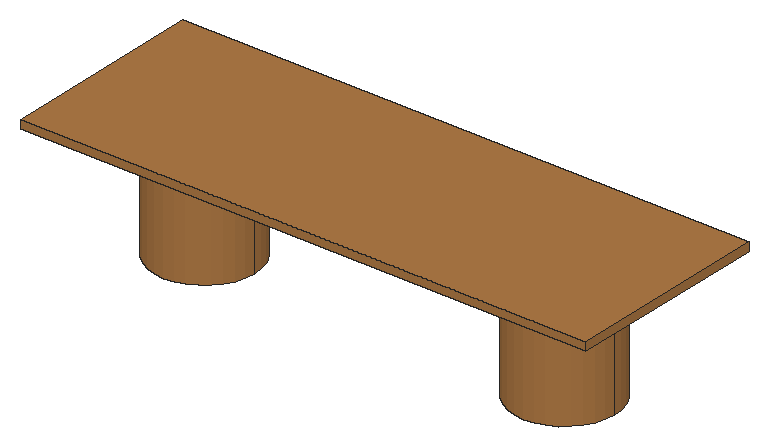
Revit family
Parameters (values of type "1200 x 3350mm")
  Keynote = "N"
  Assembly Code = ""
  Base Radius = 300 mm
  Description = "Seating 10-12"
  Material = Wood - Cherry
  Height = 760 mm
  Length = 3350 mm
  Width = 1200 mm
Reference planes
  plane 1 "Center F/B": y = 0
  plane 2: z = 0
  plane 3 "Center L/R": x = 0
  plane 4: x = -1065.4
  plane 5: x = -1675
  plane 6: x = 1065.4
  plane 7: x = 1675
  plane 8: y = -600
  plane 9: y = 600
  plane 10: y = 447.6
  plane 11: y = -447.6
Forms (mm)
  Extrusion 1, solid, material "Wood - Cherry" <- "Material"
    sketch origin (0, 0, 0) x (1, 0, 0) y (0, 1, 0)
      loop
        line (-1675, -600) -> (1675, -600) -> (1675, 600) -> (-1675, 600) -> (-1675, -600)
    from 709.2 to 760
  Extrusion 2, solid, material "Wood - Cherry" <- "Material"
    sketch origin (0, 0, 0) x (1, 0, 0) y (0, 1, 0)
      loop
        circle (-1065.4, 0) r 300
      loop
        circle (1065.4, 0) r 300
    from 0 to 709.2
Lines and regions (mm)
  Masking region 1
    outline origin (0, 0, 0) x (1, 0, 0) y (0, 1, 0)
      loop
        line (-1675, 600) -> (-1675, -600) -> (1675, -600) -> (1675, 600) -> (-1675, 600)
  symbolic lines
    curve 1: line (1675, 600, 0) -> (-1675, 600, 0)
    curve 2: line (1675, -600, 0) -> (1675, 600, 0)
    curve 3: line (-1675, -600, 0) -> (1675, -600, 0)
    curve 4: line (-1675, 600, 0) -> (-1675, -600, 0)
Dimensions and locks
  "Length": plane 5 to plane 7
  locked: plane 5 to plane 4 at 609.6
  locked: plane 6 to plane 7 at 609.6
  equal spacing: plane 4, plane 3 "Center L/R", plane 6
  "Width": plane 9 to plane 8
  locked: plane 11 to plane 8 at 152.4
  locked: plane 10 to plane 9 at 152.4
  equal spacing: plane 10, plane 1 "Center F/B", plane 11
  "Height": Extrusion 1 to plane 2
  locked: Extrusion 1 to Extrusion 1 at 50.8
  "Base Radius": radius of Extrusion 2 sketch curve  (x2)
  aligned and locked: Extrusion 2 to Extrusion 1
  aligned and locked: curve 1 to Extrusion 1
  aligned and locked: curve 2 to Extrusion 1
  aligned and locked: curve 3 to Extrusion 1
  aligned and locked: curve 4 to Extrusion 1
  aligned: plane 5 to Masking region 1 sketch curve
  aligned: plane 8 to Masking region 1 sketch curve
Automatic sketch dimensions
  Extrusion 2 sketch curve to plane 1 "Center F/B" = 0 mm  (x2)
  Extrusion 2 sketch curve to plane 4 = 0 mm
  Extrusion 2 sketch curve to plane 6 = 0 mm
  Masking region 1 sketch curve to plane 5 = 0 mm
  Masking region 1 sketch curve to plane 7 = 0 mm
  Masking region 1 sketch curve to plane 8 = 0 mm
  Masking region 1 sketch curve to plane 9 = 0 mm
